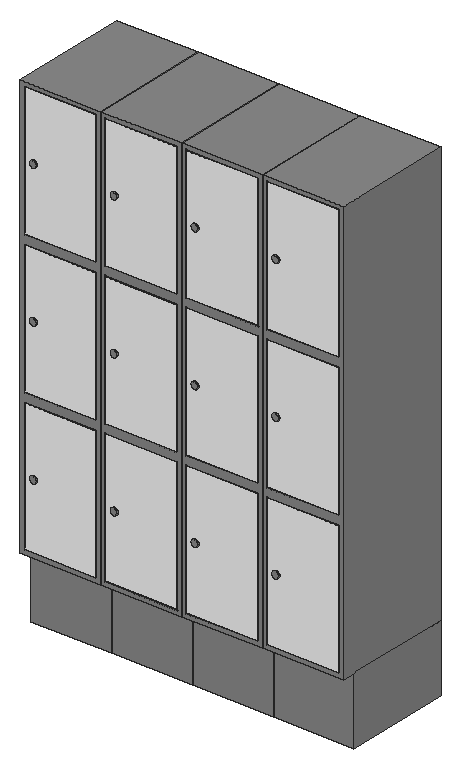
Revit family
Parameters (values of type "Locker x3 Row")
  Plinth Setback = 50 mm
  Plinth Height = 250 mm
  No of Lockers [instance] = 4
  Material Lockers = Paint - Grey
  Material Doors = Paint - White
  Lockers Depth = 450 mm
  Locker Width = 300 mm
  Locker Height = 1575 mm
  Keynote = "N"
  Assembly Code = ""
Reference planes
  plane 1 "Center (Front/Back)": y = 0
  plane 2: z = 0
  plane 3 "Center (Left/Right)": x = 0
Lines and regions (mm)
  Masking region 1
    outline origin (0, 0, 0) x (1, 0, 0) y (0, 1, 0)
      loop
        line (-150, 0) -> (-150, -450) -> (1050, -450) -> (1050, 0) -> (-150, 0)
Dimensions and locks
  equal spacing: group 1, group 2, group 3, group 4  (x3)
  equal spacing: nested 1, plane 3 "Center (Left/Right)", nested 1
  locked: nested 1 to nested 2 at 0
  nested 4 to nested 4 = 300 mm
  aligned and locked: plane 1 "Center (Front/Back)" to nested 1
  aligned: Masking region 1 sketch curve to nested 1  (x2)
  aligned: nested 4 to Masking region 1 sketch curve
  aligned: Masking region 1 sketch curve to nested 4
Automatic sketch dimensions
  Masking region 1 sketch curve to plane 1 "Center (Front/Back)" = 0 mm
  Masking region 1 sketch curve to plane 3 "Center (Left/Right)" = 150 mm
  plane 1 "Center (Front/Back)" to Masking region 1 sketch curve = 450 mm
  plane 3 "Center (Left/Right)" to Masking region 1 sketch curve = 1050 mm
Nested families
  nested 1: "Uk_Lockers x 3" at (154.179, -600, 0), type "Uk_Lockers x 3"
    with Locker Height 1575 mm
  nested 2: "Uk_Lockers x 3" at (454.179, -600, 0), type "Uk_Lockers x 3"
    with Locker Height 1575 mm
  nested 3: "Uk_Lockers x 3" at (754.179, -600, 0), type "Uk_Lockers x 3"
    with Locker Height 1575 mm
  nested 4: "Uk_Lockers x 3" at (1054.179, -600, 0), type "Uk_Lockers x 3"
    with Locker Height 1575 mm
Definition of nested family "Uk_Lockers x 3"
  Parameters
    Width = 300 mm
    Vis Ironmongery = yes
    Plinth Setback = 50 mm
    Plinth Height = 250 mm
    Material Plinth = Paint - Grey
    Material Locker = Paint - Grey
    Material Door = Paint - White
    Locker Height = 1775 mm
    Depth = 450 mm
  Reference planes
    plane 1 "Center (Front/Back)": y = 150
    plane 2: z = 0
    plane 3 "Center (Left/Right)": x = -154.179
    plane 4: y = 600
    plane 5: x = -304.179
    plane 6: x = -4.179
    plane 7: z = 250
    plane 8: z = 2025
    plane 9: z = 2010
    plane 10: z = 265
    plane 11: x = -289.179
    plane 12: x = -19.179
    plane 13: z = 1448.333
    plane 14: z = 1433.333
    plane 15: z = 1418.333
    plane 16: z = 856.667
    plane 17: z = 841.667
    plane 18: z = 826.667
    plane 19: x = -44.179
    plane 20: x = -94.179
    plane 21: z = 1729.167
  Forms (mm)
    Extrusion 1, solid, material "Paint - Grey" <- "Material Plinth"
      sketch origin (0, 0, 0) x (1, 0, 0) y (0, 1, 0)
        loop
          line (-304.179, 600) -> (-304.179, 200) -> (-4.179, 200) -> (-4.179, 600) -> (-304.179, 600)
      from 0 to 250
    Extrusion 2, solid, material "Paint - Grey" <- "Material Locker"
      sketch origin (-154.179, 0, 0) x (0, 1, 0) y (0, 0, 1)
        loop
          line (150, 2025) -> (150, 250) -> (600, 250) -> (600, 2025) -> (150, 2025)
      from -150 to 150
    Extrusion 3, void
      sketch origin (-4.179, 150, 2025) x (1, 0, 0) y (0, 0, -1)
        loop
          line (-285, 1760) -> (-285, 1198.333) -> (-15, 1198.333) -> (-15, 1760) -> (-285, 1760)
        loop
          line (-285, 1168.333) -> (-285, 606.667) -> (-15, 606.667) -> (-15, 1168.333) -> (-285, 1168.333)
        loop
          line (-285, 576.667) -> (-285, 15) -> (-15, 15) -> (-15, 576.667) -> (-285, 576.667)
      from 0 to 435
    Extrusion 4, solid, material "Paint - White" <- "Material Door"
      sketch origin (-4.179, 150, 2025) x (-1, 0, 0) y (0, 0, -1)
        loop
          line (282, 18) -> (282, 573.667) -> (18, 573.667) -> (18, 18) -> (282, 18)
        loop
          line (282, 609.667) -> (282, 1165.333) -> (18, 1165.333) -> (18, 609.667) -> (282, 609.667)
        loop
          line (282, 1201.333) -> (282, 1757) -> (18, 1757) -> (18, 1201.333) -> (282, 1201.333)
      from -15 to 0
    Extrusion 5, solid, material "Paint - Grey" <- "Material Locker", visible <- "Vis Ironmongery"
      sketch origin (0, 150, 0) x (1, 0, 0) y (0, 0, 1)
        loop
          circle (-254.179, 1729.167) r 12.5
        loop
          circle (-254.179, 1137.5) r 12.5
        loop
          circle (-254.179, 545.833) r 12.5
      from 0 to 3
  Cuts and joins
    Extrusion 3 cuts Extrusion 1
    Extrusion 3 cuts Extrusion 2
  Lines and regions (mm)
    model lines, style "InvisibleLines"
      curve 1: line (-154.179, 150, 2025) -> (-154.179, 600, 2025)
  Dimensions and locks
    equal spacing: plane 5, plane 3 "Center (Left/Right)", plane 6
    "Width": plane 5 to plane 6
    "Depth": plane 1 "Center (Front/Back)" to plane 4
    "Locker Height": plane 8 to plane 7
    "Plinth Height": plane 7 to level
    locked: plane 8 to plane 9 at 15
    locked: plane 10 to plane 7 at 15
    locked: plane 5 to plane 11 at 15
    locked: plane 12 to plane 6 at 15
    equal spacing: plane 8, plane 14, plane 17, plane 7
    "Plinth Setback": plane 1 "Center (Front/Back)" to cut or joined group of Extrusion 1, Extrusion 3
    locked: plane 11 to Extrusion 5 sketch curve at 35  (x3)
    equal spacing: plane 8, Extrusion 5 sketch curve, plane 14
    equal spacing: plane 14, Extrusion 5 sketch curve, plane 17
    equal spacing: plane 17, Extrusion 5 sketch curve, plane 7
    equal spacing: plane 13, plane 14, plane 15, locked at 15 each
    equal spacing: plane 16, plane 17, plane 18, locked at 15 each
    locked: plane 16 to plane 18 at 30
    locked: plane 13 to plane 15 at 30
    aligned and locked: Extrusion 1 to plane 7
    aligned and locked: Extrusion 1 to level
    aligned and locked: Extrusion 2 sketch curve to curve 1
    aligned and locked: plane 5 to Extrusion 2
    aligned and locked: Extrusion 2 to plane 6
  Automatic sketch dimensions
    Extrusion 1 sketch curve to plane 1 "Center (Front/Back)" = 50 mm
    Extrusion 1 sketch curve to plane 5 = 0 mm
    Extrusion 1 sketch curve to plane 6 = 0 mm
    Extrusion 1 sketch curve to plane 4 = 0 mm
    curve 1 to plane 1 "Center (Front/Back)" = 0 mm
    curve 1 to plane 4 = 0 mm
    curve 1 to plane 8 = 0 mm
    Extrusion 2 sketch curve to plane 1 "Center (Front/Back)" = 0 mm
    Extrusion 2 sketch curve to plane 4 = 0 mm
    Extrusion 2 sketch curve to plane 7 = 0 mm
    Extrusion 3 sketch curve to plane 10 = 0 mm
    Extrusion 3 sketch curve to plane 11 = 0 mm  (x3)
    Extrusion 3 sketch curve to plane 12 = 0 mm  (x3)
    Extrusion 3 sketch curve to plane 9 = 0 mm
    Extrusion 3 sketch curve to plane 13 = 0 mm
    Extrusion 3 sketch curve to plane 15 = 0 mm
    Extrusion 3 sketch curve to plane 16 = 0 mm
    Extrusion 3 sketch curve to plane 18 = 0 mm
    Extrusion 4 sketch curve to plane 12 = 3 mm  (x3)
    Extrusion 4 sketch curve to plane 11 = 3 mm  (x3)
    plane 9 to Extrusion 4 sketch curve = 3 mm
    Extrusion 4 sketch curve to plane 13 = 3 mm
    plane 15 to Extrusion 4 sketch curve = 3 mm
    Extrusion 4 sketch curve to plane 16 = 3 mm
    plane 18 to Extrusion 4 sketch curve = 3 mm
    Extrusion 4 sketch curve to plane 10 = 3 mm
    radius of Extrusion 5 sketch curve = 12.5 mm  (x3)
